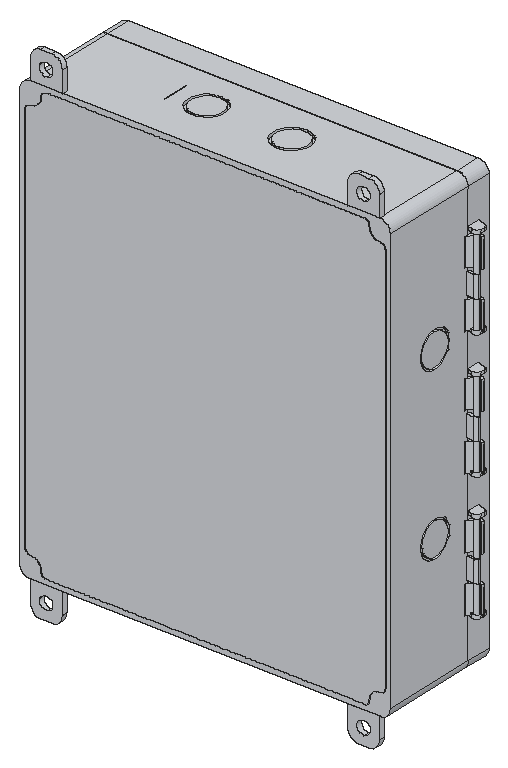
Revit family "Gas-Detectors_GSE-Generation-2-Standalone_Brasch", category Generic Models, Revit 2026
Family settings
  Can host rebar = No
  Round Connector Dimension = Use Diameter
  Part Type = Normal
  Work Plane-Based = No
  Always vertical = Yes
  Cut with Voids When Loaded = No
  Maintain Annotation Orientation = No
  Shared = No
  Room Calculation Point = No
Parameters (values of type "GSE2-ND, Nitrogen Dioxide Detector")
  WIDTH = 8.72"
  URL = "https://braschenvtech.com/"
  Specification = "https://www.arcat.com/company/brasch-environmental-technologies-52580/spec"
  Product Page URL = "https://www.arcat.com/company/brasch-environmental-technologies-52580"
  Material = Gray
  Manufacturer = "Brasch Environmental Technologies"  # constant formula
  Keynote = "28 42 15"
  Input Voltage = "24 VAC, 120 VAC"
  HEIGHT = 10.50"
  Default Elevation = 0.00"
  DEPTH = 2.90"
  Copyright = "@ARCAT"  # constant formula
  CAD Details = "https://www.arcat.com/company/brasch-environmental-technologies-52580/cad"
Types (5): name
  GSE2-CM, Carbon Monoxide Detector
  GSE2-ND, Nitrogen Dioxide Detector
  GSE2-OX, Oxygen Detector
  GSE2-NCM, Combination Detector, Nitrogen Dioxide and Carbon Monoxide
  GSE2, without any internal sensors
Reference planes (in)
  plane 1 "Center (Front/Back)": y = 0
  plane 2: z = 0
  plane 3 "Center (Left/Right)": x = 0
  plane 4: z = 0.3775
  plane 5: z = 0.4375
  plane 6: z = 0.4975
Forms (in)
  Extrusion 1, solid
    sketch origin (-4.37285, 0, 10.44843) x (0, 0, 1) y (-1, 0, 0)
      loop
        line (0.05157, -8.195) -> (0.05157, 0.025)
        arc (0.05157, 0.025) -> (-0.02165, 0.20178) -> (-0.19843, 0.275) r 0.25
        line (-0.19843, 0.275) -> (-10.19843, 0.275)
        arc (-10.19843, 0.275) -> (-10.37521, 0.20178) -> (-10.44843, 0.025) r 0.25
        line (-10.44843, 0.025) -> (-10.44843, -8.195)
        arc (-10.44843, -8.195) -> (-10.37521, -8.37178) -> (-10.19843, -8.445) r 0.25
        line (-10.19843, -8.445) -> (-0.19843, -8.445)
        arc (-0.19843, -8.445) -> (-0.02165, -8.37178) -> (0.05157, -8.195) r 0.25
      loop
        arc (-0.06843, -0.34997) -> (-0.10549, -0.26133) -> (-0.19462, -0.22546) r 0.12452
        arc (-0.19462, -0.22546) -> (-0.37407, -0.15113) -> (-0.44841, 0.02833) r 0.25379
        arc (-0.44841, 0.02833) -> (-0.48442, 0.1178) -> (-0.5734, 0.155) r 0.125
        line (-0.5734, 0.155) -> (-9.82346, 0.155)
        arc (-9.82346, 0.155) -> (-9.91244, 0.1178) -> (-9.94845, 0.02833) r 0.125
        arc (-9.94845, 0.02833) -> (-10.02279, -0.15113) -> (-10.20225, -0.22546) r 0.25379
        arc (-10.20225, -0.22546) -> (-10.29137, -0.26133) -> (-10.32843, -0.34997) r 0.12452
        line (-10.32843, -0.34997) -> (-10.32843, -7.82003)
        arc (-10.32843, -7.82003) -> (-10.29137, -7.90867) -> (-10.20225, -7.94454) r 0.12452
        arc (-10.20225, -7.94454) -> (-10.02279, -8.01887) -> (-9.94845, -8.19833) r 0.25379
        arc (-9.94845, -8.19833) -> (-9.91244, -8.2878) -> (-9.82346, -8.325) r 0.125
        line (-9.82346, -8.325) -> (-0.5734, -8.325)
        arc (-0.5734, -8.325) -> (-0.48442, -8.2878) -> (-0.44841, -8.19833) r 0.125
        arc (-0.44841, -8.19833) -> (-0.37407, -8.01887) -> (-0.19462, -7.94454) r 0.25379
        arc (-0.19462, -7.94454) -> (-0.10549, -7.90867) -> (-0.06843, -7.82003) r 0.12452
        line (-0.06843, -7.82003) -> (-0.06843, -0.34997)
    from 0 to -2.331
  Extrusion 2, solid
    sketch origin (0, 0, 0) x (1, 0, 0) y (0, 1, 0)
      loop
        line (4.1498, 2.38521) -> (4.07215, 2.276) -> (4.07215, 2.148)
        arc (4.07215, 2.148) -> (4.07469, 2.16427) -> (4.08205, 2.179) r 0.0535
        line (4.08205, 2.179) -> (4.20394, 2.35045)
        arc (4.20394, 2.35045) -> (4.25204, 2.37527) -> (4.30014, 2.35045) r 0.05902
        line (4.30014, 2.35045) -> (4.33643, 2.35045)
        arc (4.33643, 2.35045) -> (4.35667, 2.35809) -> (4.35724, 2.37971) r 0.01939
        arc (4.35724, 2.37971) -> (4.25498, 2.43774) -> (4.1498, 2.38521) r 0.125
    from 8.58333 to 9.25
  Extrusion 3, solid
    sketch origin (0, 0, -1.33333) x (1, 0, 0) y (0, 1, 0)
      loop
        line (4.1498, 2.38521) -> (4.07215, 2.276) -> (4.07215, 2.148)
        arc (4.07215, 2.148) -> (4.07469, 2.16427) -> (4.08205, 2.179) r 0.0535
        line (4.08205, 2.179) -> (4.20394, 2.35045)
        arc (4.20394, 2.35045) -> (4.25204, 2.37527) -> (4.30014, 2.35045) r 0.05902
        line (4.30014, 2.35045) -> (4.33643, 2.35045)
        arc (4.33643, 2.35045) -> (4.35667, 2.35809) -> (4.35724, 2.37971) r 0.01939
        arc (4.35724, 2.37971) -> (4.25498, 2.43774) -> (4.1498, 2.38521) r 0.125
    from 8.58333 to 9.25
  Extrusion 4, solid
    sketch origin (0, 0, -3) x (1, 0, 0) y (0, 1, 0)
      loop
        line (4.1498, 2.38521) -> (4.07215, 2.276) -> (4.07215, 2.148)
        arc (4.07215, 2.148) -> (4.07469, 2.16427) -> (4.08205, 2.179) r 0.0535
        line (4.08205, 2.179) -> (4.20394, 2.35045)
        arc (4.20394, 2.35045) -> (4.25204, 2.37527) -> (4.30014, 2.35045) r 0.05902
        line (4.30014, 2.35045) -> (4.33643, 2.35045)
        arc (4.33643, 2.35045) -> (4.35667, 2.35809) -> (4.35724, 2.37971) r 0.01939
        arc (4.35724, 2.37971) -> (4.25498, 2.43774) -> (4.1498, 2.38521) r 0.125
    from 8.58333 to 9.25
  Extrusion 5, solid
    sketch origin (0, 0, -4.33333) x (1, 0, 0) y (0, 1, 0)
      loop
        line (4.1498, 2.38521) -> (4.07215, 2.276) -> (4.07215, 2.148)
        arc (4.07215, 2.148) -> (4.07469, 2.16427) -> (4.08205, 2.179) r 0.0535
        line (4.08205, 2.179) -> (4.20394, 2.35045)
        arc (4.20394, 2.35045) -> (4.25204, 2.37527) -> (4.30014, 2.35045) r 0.05902
        line (4.30014, 2.35045) -> (4.33643, 2.35045)
        arc (4.33643, 2.35045) -> (4.35667, 2.35809) -> (4.35724, 2.37971) r 0.01939
        arc (4.35724, 2.37971) -> (4.25498, 2.43774) -> (4.1498, 2.38521) r 0.125
    from 8.58333 to 9.25
  Extrusion 6, solid
    sketch origin (0, 0, -6) x (1, 0, 0) y (0, 1, 0)
      loop
        line (4.1498, 2.38521) -> (4.07215, 2.276) -> (4.07215, 2.148)
        arc (4.07215, 2.148) -> (4.07469, 2.16427) -> (4.08205, 2.179) r 0.0535
        line (4.08205, 2.179) -> (4.20394, 2.35045)
        arc (4.20394, 2.35045) -> (4.25204, 2.37527) -> (4.30014, 2.35045) r 0.05902
        line (4.30014, 2.35045) -> (4.33643, 2.35045)
        arc (4.33643, 2.35045) -> (4.35667, 2.35809) -> (4.35724, 2.37971) r 0.01939
        arc (4.35724, 2.37971) -> (4.25498, 2.43774) -> (4.1498, 2.38521) r 0.125
    from 8.58333 to 9.25
  Extrusion 7, solid
    sketch origin (0, 0, -7.33333) x (1, 0, 0) y (0, 1, 0)
      loop
        line (4.1498, 2.38521) -> (4.07215, 2.276) -> (4.07215, 2.148)
        arc (4.07215, 2.148) -> (4.07469, 2.16427) -> (4.08205, 2.179) r 0.0535
        line (4.08205, 2.179) -> (4.20394, 2.35045)
        arc (4.20394, 2.35045) -> (4.25204, 2.37527) -> (4.30014, 2.35045) r 0.05902
        line (4.30014, 2.35045) -> (4.33643, 2.35045)
        arc (4.33643, 2.35045) -> (4.35667, 2.35809) -> (4.35724, 2.37971) r 0.01939
        arc (4.35724, 2.37971) -> (4.25498, 2.43774) -> (4.1498, 2.38521) r 0.125
    from 8.58333 to 9.25
  Extrusion 8, solid
    sketch origin (0, 0, 0) x (1, 0, 0) y (0, 1, 0)
      loop
        line (4.07215, 2.211) -> (4.27015, 2.211)
        arc (4.27015, 2.211) -> (4.31106, 2.21894) -> (4.34602, 2.24159) r 0.10938
        arc (4.34602, 2.24159) -> (4.3507, 2.26348) -> (4.33215, 2.276) r 0.02
        line (4.33215, 2.276) -> (4.30015, 2.276)
        arc (4.30015, 2.276) -> (4.25165, 2.25147) -> (4.20315, 2.276) r 0.0602
        line (4.20315, 2.276) -> (4.07215, 2.276) -> (4.07215, 2.211)
    from 7.99997 to 8.50003
  Extrusion 9, solid
    sketch origin (0, 0, -3) x (1, 0, 0) y (0, 1, 0)
      loop
        line (4.07215, 2.211) -> (4.27015, 2.211)
        arc (4.27015, 2.211) -> (4.31106, 2.21894) -> (4.34602, 2.24159) r 0.10938
        arc (4.34602, 2.24159) -> (4.3507, 2.26348) -> (4.33215, 2.276) r 0.02
        line (4.33215, 2.276) -> (4.30015, 2.276)
        arc (4.30015, 2.276) -> (4.25165, 2.25147) -> (4.20315, 2.276) r 0.0602
        line (4.20315, 2.276) -> (4.07215, 2.276) -> (4.07215, 2.211)
    from 7.99997 to 8.50003
  Extrusion 10, solid
    sketch origin (0, 0, -6) x (1, 0, 0) y (0, 1, 0)
      loop
        line (4.07215, 2.211) -> (4.27015, 2.211)
        arc (4.27015, 2.211) -> (4.31106, 2.21894) -> (4.34602, 2.24159) r 0.10938
        arc (4.34602, 2.24159) -> (4.3507, 2.26348) -> (4.33215, 2.276) r 0.02
        line (4.33215, 2.276) -> (4.30015, 2.276)
        arc (4.30015, 2.276) -> (4.25165, 2.25147) -> (4.20315, 2.276) r 0.0602
        line (4.20315, 2.276) -> (4.07215, 2.276) -> (4.07215, 2.211)
    from 7.99997 to 8.50003
  Extrusion 11, solid
    sketch origin (-4.1404, 0.12, 0.33138) x (0, 0, -1) y (-1, 0, 0)
      loop
        circle (-9.57553, -6.20256) r 0.14
      loop
        circle (-9.57553, -6.20256) r 0.05482
      loop
        circle (-9.57244, -1.5026) r 0.14
      loop
        circle (-9.57244, -1.5026) r 0.05482
      loop
        circle (-4.87594, -1.50149) r 0.14
      loop
        circle (-4.87594, -1.50149) r 0.05482
      loop
        circle (-4.87612, -6.20255) r 0.14
      loop
        circle (-4.87612, -6.20255) r 0.05482
    from 0 to 2.278
  Extrusion 12, solid
    sketch origin (-2.8954, 0.12, -3.98112) x (0, 0, -1) y (-1, 0, 0)
      loop
        circle (-4.87612, -6.20255) r 0.14
      loop
        circle (-4.87612, -6.20255) r 0.06853
      loop
        circle (-4.87612, -5.58255) r 0.14
      loop
        circle (-4.87612, -5.58255) r 0.06853
      loop
        circle (-4.87612, -2.91755) r 0.14
      loop
        circle (-4.87612, -2.91755) r 0.06853
      loop
        circle (-4.87612, -2.29755) r 0.14
      loop
        circle (-4.87612, -2.29755) r 0.06853
      loop
        circle (-4.87612, 0.98731) r 0.14
      loop
        circle (-4.87612, 0.98731) r 0.06853
      loop
        circle (-12.14112, 0.98745) r 0.14
      loop
        circle (-12.14112, 0.98745) r 0.06853
      loop
        circle (-12.14112, -6.20255) r 0.14
      loop
        circle (-12.14112, -6.20255) r 0.06853
      loop
        circle (-13.34612, -4.25005) r 0.14
      loop
        circle (-13.34612, -4.25005) r 0.06853
      loop
        circle (-13.34612, -0.96505) r 0.14
      loop
        circle (-13.34612, -0.96505) r 0.06853
      loop
        circle (-11.03862, -2.60755) r 0.14
      loop
        circle (-11.03862, -2.60755) r 0.06853
      loop
        circle (-9.48612, -0.96505) r 0.14
      loop
        circle (-9.48612, -0.96505) r 0.06853
      loop
        circle (-9.48612, -4.25005) r 0.14
      loop
        circle (-9.48612, -4.25005) r 0.06853
      loop
        circle (-9.88824, -6.211) r 0.14
      loop
        circle (-9.88824, -6.211) r 0.06853
      loop
        circle (-8.73612, -6.20255) r 0.14
      loop
        circle (-8.73612, -6.20255) r 0.06853
      loop
        circle (-8.73612, -5.58255) r 0.14
      loop
        circle (-8.73612, -5.58255) r 0.06853
      loop
        circle (-8.73612, -2.91755) r 0.14
      loop
        circle (-8.73612, -2.91755) r 0.06853
      loop
        circle (-8.73612, -2.29755) r 0.14
      loop
        circle (-8.73612, -2.29755) r 0.06853
      loop
        circle (-8.73612, 0.98745) r 0.14
      loop
        circle (-8.73612, 0.98745) r 0.06853
      loop
        circle (-9.93612, 0.98745) r 0.14
      loop
        circle (-9.93612, 0.98745) r 0.06853
    from 0 to 0.4
  Extrusion 13, solid
    sketch origin (-2.7504, 0.12, -4.27612) x (0, 0, -1) y (-1, 0, 0)
      loop
        circle (-4.87612, -6.20255) r 0.14
      loop
        circle (-4.87612, -6.20255) r 0.06853
      loop
        circle (-4.87612, 1.27745) r 0.14
      loop
        circle (-4.87612, 1.27745) r 0.06853
      loop
        circle (-14.17612, 1.27745) r 0.14
      loop
        circle (-14.17612, 1.27745) r 0.06853
      loop
        circle (-14.17612, -6.20255) r 0.14
      loop
        circle (-14.17612, -6.20255) r 0.06853
      loop
        circle (-9.52612, -2.46255) r 0.14
      loop
        circle (-9.52612, -2.46255) r 0.06853
    from 0 to 0.2
  Extrusion 14, solid
    sketch origin (1.94394, 0.7353, 5.1325) x (0, 1, 0) y (-1, 0, 0)
      loop
        line (-0.6153, 0.44574) -> (-0.6153, 0.00939) -> (-0.01296, 0.00939) -> (-0.6153, 0.44574)
      loop
        line (0, 4.46357) -> (-0.6153, 4.46357) -> (-0.6153, 4.01783) -> (0, 4.46357)
    from 0 to 0.15
  Extrusion 15, solid
    sketch origin (1.94393, 0.7353, 9.8315) x (0, 1, 0) y (-1, 0, 0)
      loop
        line (-0.6153, 0.44574) -> (-0.6153, 0.00939) -> (-0.01296, 0.00939) -> (-0.6153, 0.44574)
      loop
        line (0, 4.46357) -> (-0.6153, 4.46357) -> (-0.6153, 4.01783) -> (0, 4.46357)
    from 0 to 0.15
  Extrusion 16, solid
    sketch origin (-2.56285, 0.7353, 5.32572) x (0, 0, -1) y (0, 1, 0)
      loop
        line (0, 0) -> (-0.44574, -0.6153) -> (0, -0.6153) -> (0, 0)
      loop
        line (-4.46357, -0.6153) -> (-4.01683, -0.6153) -> (-4.46357, 0.00138) -> (-4.46357, -0.6153)
    from 0 to -0.15
  Extrusion 17, solid
    sketch origin (2.13635, 0.7353, 5.32572) x (0, 0, -1) y (0, 1, 0)
      loop
        line (0, 0) -> (-0.44574, -0.6153) -> (0, -0.6153) -> (0, 0)
      loop
        line (-4.46357, -0.6153) -> (-4.01683, -0.6153) -> (-4.46357, 0.00138) -> (-4.46357, -0.6153)
    from 0 to -0.15
  Extrusion 18, solid
    sketch origin (-4.1404, 0.12, 0.33138) x (0, 0, -1) y (-1, 0, 0)
      loop
        line (-10.04862, -0.11752) -> (-10.04862, -7.58759)
        arc (-10.04862, -7.58759) -> (-10.01156, -7.67622) -> (-9.92244, -7.7121) r 0.12452
        arc (-9.92244, -7.7121) -> (-9.74298, -7.78643) -> (-9.66864, -7.96589) r 0.25379
        arc (-9.66864, -7.96589) -> (-9.63263, -8.05535) -> (-9.54366, -8.09256) r 0.125
        line (-9.54366, -8.09256) -> (-0.29359, -8.09256)
        arc (-0.29359, -8.09256) -> (-0.20461, -8.05535) -> (-0.1686, -7.96589) r 0.125
        arc (-0.1686, -7.96589) -> (-0.09427, -7.78643) -> (0.08519, -7.7121) r 0.25379
        arc (0.08519, -7.7121) -> (0.17432, -7.67622) -> (0.21138, -7.58759) r 0.12452
        line (0.21138, -7.58759) -> (0.21138, -0.11752)
        arc (0.21138, -0.11752) -> (0.17432, -0.02889) -> (0.08519, 0.00698) r 0.12452
        arc (0.08519, 0.00698) -> (-0.09427, 0.08132) -> (-0.1686, 0.26078) r 0.25379
        arc (-0.1686, 0.26078) -> (-0.20461, 0.35024) -> (-0.29359, 0.38744) r 0.125
        line (-0.29359, 0.38744) -> (-9.54366, 0.38744)
        arc (-9.54366, 0.38744) -> (-9.63263, 0.35024) -> (-9.66864, 0.26078) r 0.125
        arc (-9.66864, 0.26078) -> (-9.74298, 0.08132) -> (-9.92244, 0.00698) r 0.25379
        arc (-9.92244, 0.00698) -> (-10.01156, -0.02889) -> (-10.04862, -0.11752) r 0.12452
    from 0 to -0.12
  Extrusion 19, solid
    sketch origin (-4.1404, 0.12, 0.33138) x (0, 0, -1) y (-1, 0, 0)
      loop
        line (0.83138, 0.25744) -> (0.33138, 0.25744) -> (0.33138, -0.49256) -> (0.83138, -0.49256)
        arc (0.83138, -0.49256) -> (1.00815, -0.41933) -> (1.08138, -0.24256) r 0.25
        line (1.08138, -0.24256) -> (1.08138, 0.00744)
        arc (1.08138, 0.00744) -> (1.00815, 0.18422) -> (0.83138, 0.25744) r 0.25
      loop
        line (0.83138, -7.21256) -> (0.33138, -7.21256) -> (0.33138, -7.96256) -> (0.83138, -7.96256)
        arc (0.83138, -7.96256) -> (1.00815, -7.88933) -> (1.08138, -7.71256) r 0.25
        line (1.08138, -7.71256) -> (1.08138, -7.46256)
        arc (1.08138, -7.46256) -> (1.00815, -7.28578) -> (0.83138, -7.21256) r 0.25
      loop
        circle (0.70638, -0.11756) r 0.16
      loop
        circle (0.70638, -7.58756) r 0.16
      loop
        arc (-10.66862, 0.25744) -> (-10.8454, 0.18422) -> (-10.91862, 0.00744) r 0.25
        line (-10.91862, 0.00744) -> (-10.91862, -0.24256)
        arc (-10.91862, -0.24256) -> (-10.8454, -0.41933) -> (-10.66862, -0.49256) r 0.25
        line (-10.66862, -0.49256) -> (-10.16862, -0.49256) -> (-10.16862, 0.25744) -> (-10.66862, 0.25744)
      loop
        arc (-10.66862, -7.21256) -> (-10.8454, -7.28578) -> (-10.91862, -7.46256) r 0.25
        line (-10.91862, -7.46256) -> (-10.91862, -7.71256)
        arc (-10.91862, -7.71256) -> (-10.8454, -7.88933) -> (-10.66862, -7.96256) r 0.25
        line (-10.66862, -7.96256) -> (-10.16862, -7.96256) -> (-10.16862, -7.21256) -> (-10.66862, -7.21256)
      loop
        circle (-10.54362, -0.11756) r 0.16
      loop
        circle (-10.54362, -7.58756) r 0.16
    from 0 to -0.12
  Extrusion 20, void
    sketch origin (-4.64785, 0, 10.25) x (0, 0, 1) y (0, -1, 0)
      loop
        circle (-3, -1.3) r 0.4375
      loop
        circle (-3, -1.3) r 0.375
      loop
        circle (-7.00175, -1.30665) r 0.4375
      loop
        circle (-7.00175, -1.30665) r 0.375
    from 0 to 0.066
  Extrusion 21, void
    sketch origin (4.07215, 0, 10.25) x (0, 0, 1) y (0, 1, 0)
      loop
        circle (-3, 1.3) r 0.4375
      loop
        circle (-3, 1.3) r 0.375
      loop
        circle (-7.00175, 1.30665) r 0.4375
      loop
        circle (-7.00175, 1.30665) r 0.375
    from 0 to 0.066
  Extrusion 22, void
    sketch origin (3.82215, 0, 10.5) x (0, -1, 0) y (-1, 0, 0)
      loop
        circle (-1.3, 3.11) r 0.4375
      loop
        circle (-1.3, 3.11) r 0.375
      loop
        circle (-1.3, 5.11) r 0.4375
      loop
        circle (-1.3, 5.11) r 0.375
    from 0 to 0.066
  Extrusion 23, void
    sketch origin (3.82215, 0, 0) x (1, 0, 0) y (0, 1, 0)
      loop
        circle (-4.11, 1.3) r 0.4375
      loop
        circle (-4.11, 1.3) r 0.375
      loop
        circle (-6.11, 1.3) r 0.4375
      loop
        circle (-6.11, 1.3) r 0.375
      loop
        circle (-2.11, 1.3) r 0.4375
      loop
        circle (-2.11, 1.3) r 0.375
    from 0 to 0.066
  Extrusion 24, void
    sketch origin (-4.1404, 0.12, 0.33138) x (0, 0, 1) y (-1, 0, 0)
      loop
        circle (9.91862, -7.96256) r 0.095
      loop
        circle (9.91862, 0.25744) r 0.095
      loop
        circle (-0.08138, 0.25744) r 0.095
      loop
        circle (-0.08138, -7.96256) r 0.095
    from 0 to -2.211
  Extrusion 25, void
    sketch origin (-4.1404, 0.12, 0.33138) x (0, 0, 1) y (-1, 0, 0)
      loop
        arc (0.11752, -7.96526) -> (0.1677, -8.08884) -> (0.2908, -8.14017) r 0.17328
        line (0.2908, -8.14017) -> (9.53397, -8.14017)
        arc (9.53397, -8.14017) -> (9.65805, -8.08761) -> (9.70665, -7.96192) r 0.17276
        arc (9.70665, -7.96192) -> (9.76671, -7.81193) -> (9.91574, -7.74951) r 0.20912
        arc (9.91574, -7.74951) -> (10.05002, -7.70032) -> (10.10658, -7.56896) r 0.18083
        line (10.10658, -7.56896) -> (10.10658, -0.1171)
        arc (10.10658, -0.1171) -> (10.06269, 0.00019) -> (9.95259, 0.05987) r 0.17868
        arc (9.95259, 0.05987) -> (9.79087, 0.1073) -> (9.72085, 0.2606) r 0.2028
        arc (9.72085, 0.2606) -> (9.67059, 0.38594) -> (9.54602, 0.43809) r 0.17486
        line (9.54602, 0.43809) -> (0.29665, 0.43809)
        arc (0.29665, 0.43809) -> (0.17157, 0.3861) -> (0.12017, 0.26078) r 0.17649
        arc (0.12017, 0.26078) -> (0.06099, 0.11654) -> (-0.08244, 0.05543) r 0.20536
        arc (-0.08244, 0.05543) -> (-0.20825, 0.00618) -> (-0.26095, -0.11821) r 0.1741
        line (-0.26095, -0.11821) -> (-0.26095, -7.58775)
        arc (-0.26095, -7.58775) -> (-0.20934, -7.71155) -> (-0.08507, -7.76202) r 0.17428
        arc (-0.08507, -7.76202) -> (0.05822, -7.82177) -> (0.11752, -7.96526) r 0.20324
      loop
        line (-0.33138, 0.25744) -> (-0.33138, -7.96256)
        arc (-0.33138, -7.96256) -> (-0.25815, -8.13933) -> (-0.08138, -8.21256) r 0.25
        line (-0.08138, -8.21256) -> (9.91862, -8.21256)
        arc (9.91862, -8.21256) -> (10.0954, -8.13933) -> (10.16862, -7.96256) r 0.25
        line (10.16862, -7.96256) -> (10.16862, 0.25744)
        arc (10.16862, 0.25744) -> (10.0954, 0.43422) -> (9.91862, 0.50744) r 0.25
        line (9.91862, 0.50744) -> (-0.08138, 0.50744)
        arc (-0.08138, 0.50744) -> (-0.25815, 0.43422) -> (-0.33138, 0.25744) r 0.25
    from -2.156 to -2.211
Cuts and joins
  Extrusion 20, Extrusion 21, Extrusion 22, Extrusion 23, Extrusion 24, Extrusion 25 cuts Extrusion 1
  Extrusion 25 cuts Extrusion 19
Dimensions and locks (in)
  locked: plane 4 to level at 0.3775
  plane 6 to plane 5 to plane 4 = 0.06" locked, 0.06" locked
  aligned and locked: plane 2 to level
Nested families (in)
  nested 1: "GSE2 lid" at (-0.00781, 2.77818, 0), type "GSE2 lid"
Definition of nested family "GSE2 lid"
  Parameters (values of type "GSE2 lid")
    Default Elevation = 0.00"
  Reference planes (in)
    plane 1 "Center (Front/Back)": y = 0
    plane 2: z = 0
    plane 3 "Center (Left/Right)": x = 0
  Forms (in)
    Extrusion 1, solid
      sketch origin (-3.43, 0.11, 0.7) x (0, 0, -1) y (-1, 0, 0)
        loop
          line (0.7, -7.26) -> (0.7, 0.96)
          arc (0.7, 0.96) -> (0.62678, 1.13678) -> (0.45, 1.21) r 0.25
          line (0.45, 1.21) -> (-9.55, 1.21)
          arc (-9.55, 1.21) -> (-9.72678, 1.13678) -> (-9.8, 0.96) r 0.25
          line (-9.8, 0.96) -> (-9.8, -7.26)
          arc (-9.8, -7.26) -> (-9.72678, -7.43678) -> (-9.55, -7.51) r 0.25
          line (-9.55, -7.51) -> (0.45, -7.51)
          arc (0.45, -7.51) -> (0.62678, -7.43678) -> (0.7, -7.26) r 0.25
        loop
          arc (0.48, 0.58503) -> (0.19365, 0.70365) -> (0.07503, 0.99) r 0.40497
          line (0.07503, 0.99) -> (-9.17503, 0.99)
          arc (-9.17503, 0.99) -> (-9.29365, 0.70365) -> (-9.58, 0.58503) r 0.40497
          line (-9.58, 0.58503) -> (-9.58, -6.88503)
          arc (-9.58, -6.88503) -> (-9.29365, -7.00365) -> (-9.17503, -7.29) r 0.40497
          line (-9.17503, -7.29) -> (0.07503, -7.29)
          arc (0.07503, -7.29) -> (0.19365, -7.00365) -> (0.48, -6.88503) r 0.40497
          line (0.48, -6.88503) -> (0.48, 0.58503)
      from 0 to -0.61
    Extrusion 2, solid
      sketch origin (-3.43, 0.11, 0.7) x (0, 0, -1) y (-1, 0, 0)
        loop
          line (0.07503, 0.99) -> (-9.17503, 0.99)
          arc (-9.17503, 0.99) -> (-9.29365, 0.70365) -> (-9.58, 0.58503) r 0.40497
          line (-9.58, 0.58503) -> (-9.58, -6.88503)
          arc (-9.58, -6.88503) -> (-9.29365, -7.00365) -> (-9.17503, -7.29) r 0.40497
          line (-9.17503, -7.29) -> (0.07503, -7.29)
          arc (0.07503, -7.29) -> (0.19365, -7.00365) -> (0.48, -6.88503) r 0.40497
          line (0.48, -6.88503) -> (0.48, 0.58503)
          arc (0.48, 0.58503) -> (0.19365, 0.70365) -> (0.07503, 0.99) r 0.40497
        loop
          arc (-6.732, -2.1335) -> (-6.75045, -2.08895) -> (-6.795, -2.0705) r 0.063
          line (-6.795, -2.0705) -> (-7.519, -2.0705)
          arc (-7.519, -2.0705) -> (-7.56355, -2.08895) -> (-7.582, -2.1335) r 0.063
          line (-7.582, -2.1335) -> (-7.582, -4.1665)
          arc (-7.582, -4.1665) -> (-7.56355, -4.21105) -> (-7.519, -4.2295) r 0.063
          line (-7.519, -4.2295) -> (-6.795, -4.2295)
          arc (-6.795, -4.2295) -> (-6.75045, -4.21105) -> (-6.732, -4.1665) r 0.063
          line (-6.732, -4.1665) -> (-6.732, -2.1335)
        loop
          arc (-6.353, -6.193) -> (-6.29, -6.13) -> (-6.353, -6.067) r 0.063
          line (-6.353, -6.067) -> (-7.353, -6.067)
          arc (-7.353, -6.067) -> (-7.416, -6.13) -> (-7.353, -6.193) r 0.063
          line (-7.353, -6.193) -> (-6.353, -6.193)
        loop
          circle (-6.833, -4.65) r 0.125
        loop
          circle (-6.283, -4.13) r 0.125
        loop
          circle (-6.283, -3.48) r 0.125
        loop
          circle (-6.283, -2.82) r 0.125
        loop
          circle (-6.283, -2.17) r 0.125
        loop
          circle (-6.833, -1.65) r 0.125
        loop
          circle (-7.483, -1.65) r 0.125
        loop
          circle (-8.033, -2.17) r 0.125
        loop
          circle (-8.033, -4.13) r 0.125
        loop
          circle (-7.483, -4.65) r 0.125
      from 0 to -0.11
    Extrusion 3, void
      sketch origin (-3.43, 0.11, 0.7) x (0, 0, -1) y (-1, 0, 0)
        loop
          line (-9.17396, -7.345) -> (0.07503, -7.345)
          arc (0.07503, -7.345) -> (0.13236, -7.32126) -> (0.1561, -7.26393) r 0.08107
          arc (0.1561, -7.26393) -> (0.25319, -7.04324) -> (0.47998, -6.96138) r 0.30599
          arc (0.47998, -6.96138) -> (0.51645, -6.93752) -> (0.535, -6.8981) r 0.08
          line (0.535, -6.8981) -> (0.535, 0.5981)
          arc (0.535, 0.5981) -> (0.51645, 0.63752) -> (0.47998, 0.66138) r 0.08
          arc (0.47998, 0.66138) -> (0.25319, 0.74324) -> (0.1561, 0.96393) r 0.30599
          arc (0.1561, 0.96393) -> (0.13236, 1.02126) -> (0.07503, 1.045) r 0.08107
          line (0.07503, 1.045) -> (-9.17396, 1.045)
          arc (-9.17396, 1.045) -> (-9.23128, 1.02126) -> (-9.25503, 0.96393) r 0.08107
          arc (-9.25503, 0.96393) -> (-9.35212, 0.74324) -> (-9.57891, 0.66138) r 0.30599
          arc (-9.57891, 0.66138) -> (-9.61947, 0.6324) -> (-9.635, 0.58503) r 0.08
          line (-9.635, 0.58503) -> (-9.635, -6.88503)
          arc (-9.635, -6.88503) -> (-9.61947, -6.9324) -> (-9.57891, -6.96138) r 0.08
          arc (-9.57891, -6.96138) -> (-9.35212, -7.04324) -> (-9.25503, -7.26393) r 0.30599
          arc (-9.25503, -7.26393) -> (-9.23128, -7.32126) -> (-9.17396, -7.345) r 0.08107
        loop
          arc (0.07611, -7.445) -> (0.18268, -7.41006) -> (0.24788, -7.31879) r 0.18
          arc (0.24788, -7.31879) -> (0.31568, -7.1246) -> (0.50987, -7.05681) r 0.23668
          arc (0.50987, -7.05681) -> (0.60673, -6.98353) -> (0.635, -6.8654) r 0.18
          line (0.635, -6.8654) -> (0.635, 0.5654)
          arc (0.635, 0.5654) -> (0.60673, 0.68353) -> (0.50987, 0.75681) r 0.18
          arc (0.50987, 0.75681) -> (0.31568, 0.8246) -> (0.24788, 1.01879) r 0.23668
          arc (0.24788, 1.01879) -> (0.18268, 1.11006) -> (0.07611, 1.145) r 0.18
          line (0.07611, 1.145) -> (-9.17503, 1.145)
          arc (-9.17503, 1.145) -> (-9.28161, 1.11006) -> (-9.34681, 1.01879) r 0.18
          arc (-9.34681, 1.01879) -> (-9.4146, 0.8246) -> (-9.60879, 0.75681) r 0.23668
          arc (-9.60879, 0.75681) -> (-9.70006, 0.69161) -> (-9.735, 0.58503) r 0.18
          line (-9.735, 0.58503) -> (-9.735, -6.88503)
          arc (-9.735, -6.88503) -> (-9.70006, -6.99161) -> (-9.60879, -7.05681) r 0.18
          arc (-9.60879, -7.05681) -> (-9.4146, -7.1246) -> (-9.34681, -7.31879) r 0.23668
          arc (-9.34681, -7.31879) -> (-9.28161, -7.41006) -> (-9.17503, -7.445) r 0.18
          line (-9.17503, -7.445) -> (0.07611, -7.445)
      from -0.61 to -0.512
    Extrusion 4, void
      sketch origin (-3.43, 0.11, 0.7) x (0, 0, -1) y (-1, 0, 0)
        loop
          circle (0.45, -7.26) r 0.0705
        loop
          circle (0.45, 0.96) r 0.0705
        loop
          circle (-9.55, 0.96) r 0.0705
        loop
          circle (-9.55, -7.26) r 0.0705
      from -0.04 to -0.61
    Extrusion 5, solid
      sketch origin (4.225, -0.40438, 1.2375) x (1, 0, 0) y (0, 1, 0)
        loop
          line (0.08715, 0.11037) -> (-0.145, 0.20438) -> (-0.145, -0.09562) -> (-0.00253, -0.15331)
          arc (-0.00253, -0.15331) -> (0.09089, -0.14355) -> (0.135, -0.06062) r 0.1
          line (0.135, -0.06062) -> (0.135, 0.03938)
          arc (0.135, 0.03938) -> (0.12192, 0.08218) -> (0.08715, 0.11037) r 0.07659
      from 0 to 0.075
    Extrusion 6, solid
      sketch origin (4.225, -0.40438, 3.3475) x (1, 0, 0) y (0, 1, 0)
        loop
          line (0.08715, 0.11037) -> (-0.145, 0.20438) -> (-0.145, -0.09562) -> (-0.00253, -0.15331)
          arc (-0.00253, -0.15331) -> (0.09089, -0.14355) -> (0.135, -0.06062) r 0.1
          line (0.135, -0.06062) -> (0.135, 0.03938)
          arc (0.135, 0.03938) -> (0.12192, 0.08218) -> (0.08715, 0.11037) r 0.07659
      from 0.01 to 0.085
    Extrusion 7, solid
      sketch origin (4.225, -0.40438, 1.2375) x (1, 0, 0) y (0, 1, 0)
        loop
          circle (0.03503, -0.06062) r 0.06027
      from 0.075 to 2.12
    Extrusion 8, solid
      sketch origin (4.225, -0.40438, 4.2375) x (1, 0, 0) y (0, 1, 0)
        loop
          line (0.08715, 0.11037) -> (-0.145, 0.20438) -> (-0.145, -0.09562) -> (-0.00253, -0.15331)
          arc (-0.00253, -0.15331) -> (0.09089, -0.14355) -> (0.135, -0.06062) r 0.1
          line (0.135, -0.06062) -> (0.135, 0.03938)
          arc (0.135, 0.03938) -> (0.12192, 0.08218) -> (0.08715, 0.11037) r 0.07659
      from 0 to 0.075
    Extrusion 9, solid
      sketch origin (4.225, -0.40438, 6.3475) x (1, 0, 0) y (0, 1, 0)
        loop
          line (0.08715, 0.11037) -> (-0.145, 0.20438) -> (-0.145, -0.09562) -> (-0.00253, -0.15331)
          arc (-0.00253, -0.15331) -> (0.09089, -0.14355) -> (0.135, -0.06062) r 0.1
          line (0.135, -0.06062) -> (0.135, 0.03938)
          arc (0.135, 0.03938) -> (0.12192, 0.08218) -> (0.08715, 0.11037) r 0.07659
      from 0.01 to 0.085
    Extrusion 10, solid
      sketch origin (4.225, -0.40438, 4.2375) x (1, 0, 0) y (0, 1, 0)
        loop
          circle (0.03503, -0.06062) r 0.06027
      from 0.075 to 2.12
    Extrusion 11, solid
      sketch origin (4.225, -0.40438, 7.2375) x (1, 0, 0) y (0, 1, 0)
        loop
          line (0.08715, 0.11037) -> (-0.145, 0.20438) -> (-0.145, -0.09562) -> (-0.00253, -0.15331)
          arc (-0.00253, -0.15331) -> (0.09089, -0.14355) -> (0.135, -0.06062) r 0.1
          line (0.135, -0.06062) -> (0.135, 0.03938)
          arc (0.135, 0.03938) -> (0.12192, 0.08218) -> (0.08715, 0.11037) r 0.07659
      from 0 to 0.075
    Extrusion 12, solid
      sketch origin (4.225, -0.40438, 9.3475) x (1, 0, 0) y (0, 1, 0)
        loop
          line (0.08715, 0.11037) -> (-0.145, 0.20438) -> (-0.145, -0.09562) -> (-0.00253, -0.15331)
          arc (-0.00253, -0.15331) -> (0.09089, -0.14355) -> (0.135, -0.06062) r 0.1
          line (0.135, -0.06062) -> (0.135, 0.03938)
          arc (0.135, 0.03938) -> (0.12192, 0.08218) -> (0.08715, 0.11037) r 0.07659
      from 0.01 to 0.085
    Extrusion 13, solid
      sketch origin (4.225, -0.40438, 7.2375) x (1, 0, 0) y (0, 1, 0)
        loop
          circle (0.03503, -0.06062) r 0.06027
      from 0.075 to 2.12
  Cuts and joins
    Extrusion 3, Extrusion 4 cuts Extrusion 1
  Dimensions and locks (in)
    aligned and locked: plane 2 to level
